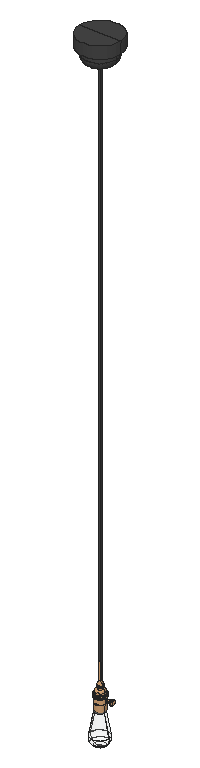
Revit family "SPO-KEY-ORB MB", category Lighting Fixtures, Revit 2020 (continued)
Definition of nested family "SPO-KEY-AB"
  Definition of nested family "SPO-KEY-AB HOLDER"
    Forms (in)
      Extrusion 126, solid, material <- "Body", visible <- "SPO-KEY-AB"
        sketch origin (-0.00004, 0.0311, -0.22468) x (0.770394, 0.637568, 0) y (-0.637568, 0.770394, 0)
          loop
            line (0.44965, 0.52237) -> (0.48225, 0.49432) -> (0.51145, 0.52351) -> (0.47877, 0.55619) -> (0.44965, 0.52237)
        from 1.87225 to 1.98153
      Extrusion 127, solid, material <- "Body", visible <- "SPO-KEY-AB"
        sketch origin (0.003, 0.03095, -0.22468) x (0.829137, 0.559045, 0) y (-0.559045, 0.829137, 0)
          loop
            line (0.44965, 0.52237) -> (0.48225, 0.49432) -> (0.51145, 0.52351) -> (0.47877, 0.55619) -> (0.44965, 0.52237)
        from 1.87225 to 1.98153
      Extrusion 128, solid, material <- "Body", visible <- "SPO-KEY-AB"
        sketch origin (0.00602, 0.03051, -0.22468) x (0.879906, 0.475147, 0) y (-0.475147, 0.879906, 0)
          loop
            line (0.44965, 0.52237) -> (0.48225, 0.49432) -> (0.51145, 0.52351) -> (0.47877, 0.55619) -> (0.44965, 0.52237)
        from 1.87225 to 1.98153
      Extrusion 129, solid, material <- "Body", visible <- "SPO-KEY-AB"
        sketch origin (0.00898, 0.02977, -0.22468) x (0.922214, 0.38668, 0) y (-0.38668, 0.922214, 0)
          loop
            line (0.44965, 0.52237) -> (0.48225, 0.49432) -> (0.51145, 0.52351) -> (0.47877, 0.55619) -> (0.44965, 0.52237)
        from 1.87225 to 1.98153
      Extrusion 130, solid, material <- "Body", visible <- "SPO-KEY-AB"
        sketch origin (0.01185, 0.02875, -0.22468) x (0.955653, 0.294494, 0) y (-0.294494, 0.955653, 0)
          loop
            line (0.44965, 0.52237) -> (0.48225, 0.49432) -> (0.51145, 0.52351) -> (0.47877, 0.55619) -> (0.44965, 0.52237)
        from 1.87225 to 1.98153
      Extrusion 131, solid, material <- "Body", visible <- "SPO-KEY-AB"
        sketch origin (0.01461, 0.02745, -0.22468) x (0.979903, 0.199477, 0) y (-0.199477, 0.979903, 0)
          loop
            line (0.44965, 0.52237) -> (0.48225, 0.49432) -> (0.51145, 0.52351) -> (0.47877, 0.55619) -> (0.44965, 0.52237)
        from 1.87225 to 1.98153
      Extrusion 132, solid, material <- "Body", visible <- "SPO-KEY-AB"
        sketch origin (0.01723, 0.02589, -0.22468) x (0.994729, 0.102541, 0) y (-0.102541, 0.994729, 0)
          loop
            line (0.44965, 0.52237) -> (0.48225, 0.49432) -> (0.51145, 0.52351) -> (0.47877, 0.55619) -> (0.44965, 0.52237)
        from 1.87225 to 1.98153
      Extrusion 133, solid, material <- "Body", visible <- "SPO-KEY-AB"
        sketch origin (0.01968, 0.02408, -0.22468) x (0.999989, 0.004618, 0) y (-0.004618, 0.999989, 0)
          loop
            line (0.44965, 0.52237) -> (0.48225, 0.49432) -> (0.51145, 0.52351) -> (0.47877, 0.55619) -> (0.44965, 0.52237)
        from 1.87225 to 1.98153
      Extrusion 134, solid, material <- "Body", visible <- "SPO-KEY-AB"
        sketch origin (-0.38641, -0.34585, 0.9375) x (0.995192, -0.097945, 0) y (0.097945, 0.995192, 0)
          loop
            line (0.527, 0.61222) -> (0.56632, 0.57838) -> (0.59931, 0.61137) -> (0.56005, 0.65062) -> (0.527, 0.61222)
        from 1.81351 to 1.98153
      Extrusion 135, solid, material <- "Body", visible <- "SPO-KEY-AB"
        sketch origin (-0.46276, -0.23405, 0.9375) x (0.935931, -0.352183, 0) y (0.352183, 0.935931, 0)
          loop
            line (0.527, 0.61222) -> (0.56632, 0.57838) -> (0.59931, 0.61137) -> (0.56005, 0.65062) -> (0.527, 0.61222)
        from 1.81351 to 1.98153
      Extrusion 136, solid, material <- "Body", visible <- "SPO-KEY-AB"
        sketch origin (-0.50757, -0.10631, 0.9375) x (0.812889, -0.582419, 0) y (0.582419, 0.812889, 0)
          loop
            line (0.527, 0.61222) -> (0.56632, 0.57838) -> (0.59931, 0.61137) -> (0.56005, 0.65062) -> (0.527, 0.61222)
        from 1.81351 to 1.98153
      Extrusion 137, solid, material <- "Body", visible <- "SPO-KEY-AB"
        sketch origin (-0.51779, 0.02868, 0.9375) x (0.634449, -0.772965, 0) y (0.772965, 0.634449, 0)
          loop
            line (0.527, 0.61222) -> (0.56632, 0.57838) -> (0.59931, 0.61137) -> (0.56005, 0.65062) -> (0.527, 0.61222)
        from 1.81351 to 1.98153
      Extrusion 138, solid, material <- "Body", visible <- "SPO-KEY-AB"
        sketch origin (-0.49272, 0.16172, 0.9375) x (0.412773, -0.910834, 0) y (0.910834, 0.412773, 0)
          loop
            line (0.527, 0.61222) -> (0.56632, 0.57838) -> (0.59931, 0.61137) -> (0.56005, 0.65062) -> (0.527, 0.61222)
        from 1.81351 to 1.98153
      Extrusion 139, solid, material <- "Body", visible <- "SPO-KEY-AB"
        sketch origin (-0.43407, 0.28373, 0.9375) x (0.162967, -0.986632, 0) y (0.986632, 0.162967, 0)
          loop
            line (0.527, 0.61222) -> (0.56632, 0.57838) -> (0.59931, 0.61137) -> (0.56005, 0.65062) -> (0.527, 0.61222)
        from 1.81351 to 1.98153
      Extrusion 140, solid, material <- "Body", visible <- "SPO-KEY-AB"
        sketch origin (-0.34585, 0.38641, 0.9375) x (-0.097945, -0.995192, 0) y (0.995192, -0.097945, 0)
          loop
            line (0.527, 0.61222) -> (0.56632, 0.57838) -> (0.59931, 0.61137) -> (0.56005, 0.65062) -> (0.527, 0.61222)
        from 1.81351 to 1.98153
      Extrusion 141, solid, material <- "Body", visible <- "SPO-KEY-AB"
        sketch origin (-0.23405, 0.46276, 0.9375) x (-0.352183, -0.935931, 0) y (0.935931, -0.352183, 0)
          loop
            line (0.527, 0.61222) -> (0.56632, 0.57838) -> (0.59931, 0.61137) -> (0.56005, 0.65062) -> (0.527, 0.61222)
        from 1.81351 to 1.98153
      Extrusion 142, solid, material <- "Body", visible <- "SPO-KEY-AB"
        sketch origin (-0.10631, 0.50757, 0.9375) x (-0.582419, -0.812889, 0) y (0.812889, -0.582419, 0)
          loop
            line (0.527, 0.61222) -> (0.56632, 0.57838) -> (0.59931, 0.61137) -> (0.56005, 0.65062) -> (0.527, 0.61222)
        from 1.81351 to 1.98153
      Extrusion 143, solid, material <- "Body", visible <- "SPO-KEY-AB"
        sketch origin (0.02868, 0.51779, 0.9375) x (-0.772965, -0.634449, 0) y (0.634449, -0.772965, 0)
          loop
            line (0.527, 0.61222) -> (0.56632, 0.57838) -> (0.59931, 0.61137) -> (0.56005, 0.65062) -> (0.527, 0.61222)
        from 1.81351 to 1.98153
      Extrusion 144, solid, material <- "Body", visible <- "SPO-KEY-AB"
        sketch origin (0.16172, 0.49272, 0.9375) x (-0.910834, -0.412773, 0) y (0.412773, -0.910834, 0)
          loop
            line (0.527, 0.61222) -> (0.56632, 0.57838) -> (0.59931, 0.61137) -> (0.56005, 0.65062) -> (0.527, 0.61222)
        from 1.81351 to 1.98153
      Extrusion 145, solid, material <- "Body", visible <- "SPO-KEY-AB"
        sketch origin (0.28373, 0.43407, 0.9375) x (-0.986632, -0.162967, 0) y (0.162967, -0.986632, 0)
          loop
            line (0.527, 0.61222) -> (0.56632, 0.57838) -> (0.59931, 0.61137) -> (0.56005, 0.65062) -> (0.527, 0.61222)
        from 1.81351 to 1.98153
      Extrusion 146, solid, material <- "Body", visible <- "SPO-KEY-AB"
        sketch origin (0.38641, 0.34585, 0.9375) x (-0.995192, 0.097945, 0) y (-0.097945, -0.995192, 0)
          loop
            line (0.527, 0.61222) -> (0.56632, 0.57838) -> (0.59931, 0.61137) -> (0.56005, 0.65062) -> (0.527, 0.61222)
        from 1.81351 to 1.98153
      Extrusion 147, solid, material <- "Body", visible <- "SPO-KEY-AB"
        sketch origin (0.46276, 0.23405, 0.9375) x (-0.935931, 0.352183, 0) y (-0.352183, -0.935931, 0)
          loop
            line (0.527, 0.61222) -> (0.56632, 0.57838) -> (0.59931, 0.61137) -> (0.56005, 0.65062) -> (0.527, 0.61222)
        from 1.81351 to 1.98153
      Extrusion 148, solid, material <- "Body", visible <- "SPO-KEY-AB"
        sketch origin (0.50757, 0.10631, 0.9375) x (-0.812889, 0.582419, 0) y (-0.582419, -0.812889, 0)
          loop
            line (0.527, 0.61222) -> (0.56632, 0.57838) -> (0.59931, 0.61137) -> (0.56005, 0.65062) -> (0.527, 0.61222)
        from 1.81351 to 1.98153
      Extrusion 149, solid, material <- "Body", visible <- "SPO-KEY-AB"
        sketch origin (0.51779, -0.02868, 0.9375) x (-0.634449, 0.772965, 0) y (-0.772965, -0.634449, 0)
          loop
            line (0.527, 0.61222) -> (0.56632, 0.57838) -> (0.59931, 0.61137) -> (0.56005, 0.65062) -> (0.527, 0.61222)
        from 1.81351 to 1.98153
      Extrusion 150, solid, material <- "Body", visible <- "SPO-KEY-AB"
        sketch origin (0.49272, -0.16172, 0.9375) x (-0.412773, 0.910834, 0) y (-0.910834, -0.412773, 0)
          loop
            line (0.527, 0.61222) -> (0.56632, 0.57838) -> (0.59931, 0.61137) -> (0.56005, 0.65062) -> (0.527, 0.61222)
        from 1.81351 to 1.98153
      Extrusion 151, solid, material <- "Body", visible <- "SPO-KEY-AB"
        sketch origin (0.43407, -0.28373, 0.9375) x (-0.162967, 0.986632, 0) y (-0.986632, -0.162967, 0)
          loop
            line (0.527, 0.61222) -> (0.56632, 0.57838) -> (0.59931, 0.61137) -> (0.56005, 0.65062) -> (0.527, 0.61222)
        from 1.81351 to 1.98153
      Extrusion 152, solid, material <- "Body", visible <- "SPO-KEY-AB"
        sketch origin (0.34585, -0.38641, 0.9375) x (0.097945, 0.995192, 0) y (-0.995192, 0.097945, 0)
          loop
            line (0.527, 0.61222) -> (0.56632, 0.57838) -> (0.59931, 0.61137) -> (0.56005, 0.65062) -> (0.527, 0.61222)
        from 1.81351 to 1.98153
      Extrusion 153, solid, material <- "Body", visible <- "SPO-KEY-AB"
        sketch origin (0.23405, -0.46276, 0.9375) x (0.352183, 0.935931, 0) y (-0.935931, 0.352183, 0)
          loop
            line (0.527, 0.61222) -> (0.56632, 0.57838) -> (0.59931, 0.61137) -> (0.56005, 0.65062) -> (0.527, 0.61222)
        from 1.81351 to 1.98153
      Extrusion 154, solid, material <- "Body", visible <- "SPO-KEY-AB"
        sketch origin (0.10631, -0.50757, 0.9375) x (0.582419, 0.812889, 0) y (-0.812889, 0.582419, 0)
          loop
            line (0.527, 0.61222) -> (0.56632, 0.57838) -> (0.59931, 0.61137) -> (0.56005, 0.65062) -> (0.527, 0.61222)
        from 1.81351 to 1.98153
      Extrusion 155, solid, material <- "Body", visible <- "SPO-KEY-AB"
        sketch origin (-0.02868, -0.51779, 0.9375) x (0.772965, 0.634449, 0) y (-0.634449, 0.772965, 0)
          loop
            line (0.527, 0.61222) -> (0.56632, 0.57838) -> (0.59931, 0.61137) -> (0.56005, 0.65062) -> (0.527, 0.61222)
        from 1.81351 to 1.98153
      Extrusion 156, solid, material <- "Body", visible <- "SPO-KEY-AB"
        sketch origin (-0.16172, -0.49272, 0.9375) x (0.910834, 0.412773, 0) y (-0.412773, 0.910834, 0)
          loop
            line (0.527, 0.61222) -> (0.56632, 0.57838) -> (0.59931, 0.61137) -> (0.56005, 0.65062) -> (0.527, 0.61222)
        from 1.81351 to 1.98153
      Extrusion 157, solid, material <- "Body", visible <- "SPO-KEY-AB"
        sketch origin (-0.28373, -0.43407, 0.9375) x (0.986632, 0.162967, 0) y (-0.162967, 0.986632, 0)
          loop
            line (0.527, 0.61222) -> (0.56632, 0.57838) -> (0.59931, 0.61137) -> (0.56005, 0.65062) -> (0.527, 0.61222)
        from 1.81351 to 1.98153
      Extrusion 158, solid, material <- "Body", visible <- "SPO-KEY-AB"
        sketch origin (0, 0.00846, -0.00846) x (0, 1, 0) y (0, 0, 1)
          loop
            line (-0.20033, 1.5998) -> (-0.15905, 1.62871) -> (-0.18163, 1.66095) -> (-0.22661, 1.62946) -> (-0.20033, 1.5998)
        from 1.51604 to 1.63175
      Extrusion 159, solid, material <- "Body", visible <- "SPO-KEY-AB"
        sketch origin (0, -0.30039, 0.02455) x (0, 0.974751, -0.223295) y (0, 0.223295, 0.974751)
          loop
            line (-0.20033, 1.5998) -> (-0.15905, 1.62871) -> (-0.18163, 1.66095) -> (-0.22661, 1.62946) -> (-0.20033, 1.5998)
        from 1.51604 to 1.63175
      Extrusion 160, solid, material <- "Body", visible <- "SPO-KEY-AB"
        sketch origin (0, -0.59406, 0.12569) x (0, 0.900279, -0.435314) y (0, 0.435314, 0.900279)
          loop
            line (-0.20033, 1.5998) -> (-0.15905, 1.62871) -> (-0.18163, 1.66095) -> (-0.22661, 1.62946) -> (-0.20033, 1.5998)
        from 1.51604 to 1.63175
      Extrusion 161, solid, material <- "Body", visible <- "SPO-KEY-AB"
        sketch origin (0, -0.85774, 0.28985) x (0, 0.780344, -0.62535) y (0, 0.62535, 0.780344)
          loop
            line (-0.20033, 1.5998) -> (-0.15905, 1.62871) -> (-0.18163, 1.66095) -> (-0.22661, 1.62946) -> (-0.20033, 1.5998)
        from 1.51604 to 1.63175
      Extrusion 162, solid, material <- "Body", visible <- "SPO-KEY-AB"
        sketch origin (0, -1.0781, 0.50875) x (0, 0.621004, -0.783807) y (0, 0.783807, 0.621004)
          loop
            line (-0.20033, 1.5998) -> (-0.15905, 1.62871) -> (-0.18163, 1.66095) -> (-0.22661, 1.62946) -> (-0.20033, 1.5998)
        from 1.51604 to 1.63175
      Extrusion 163, solid, material <- "Body", visible <- "SPO-KEY-AB"
        sketch origin (0, -1.24402, 0.77132) x (0, 0.430304, -0.902684) y (0, 0.902684, 0.430304)
          loop
            line (-0.20033, 1.5998) -> (-0.15905, 1.62871) -> (-0.18163, 1.66095) -> (-0.22661, 1.62946) -> (-0.20033, 1.5998)
        from 1.51604 to 1.63175
      Extrusion 164, solid, material <- "Body", visible <- "SPO-KEY-AB"
        sketch origin (0, -1.34712, 1.06431) x (0, 0.217875, -0.975977) y (0, 0.975977, 0.217875)
          loop
            line (-0.20033, 1.5998) -> (-0.15905, 1.62871) -> (-0.18163, 1.66095) -> (-0.22661, 1.62946) -> (-0.20033, 1.5998)
        from 1.51604 to 1.63175
      Extrusion 165, solid, material <- "Body", visible <- "SPO-KEY-AB"
        sketch origin (0, -1.38219, 1.37293) x (0, -0.005557, -0.999985) y (0, 0.999985, -0.005557)
          loop
            line (-0.20033, 1.5998) -> (-0.15905, 1.62871) -> (-0.18163, 1.66095) -> (-0.22661, 1.62946) -> (-0.20033, 1.5998)
        from 1.51604 to 1.63175
      Extrusion 166, solid, material <- "Body", visible <- "SPO-KEY-AB"
        sketch origin (0, -1.34747, 1.68159) x (0, -0.228708, -0.973495) y (0, 0.973495, -0.228708)
          loop
            line (-0.20033, 1.5998) -> (-0.15905, 1.62871) -> (-0.18163, 1.66095) -> (-0.22661, 1.62946) -> (-0.20033, 1.5998)
        from 1.51604 to 1.63175
      Extrusion 167, solid, material <- "Body", visible <- "SPO-KEY-AB"
        sketch origin (0, -1.2447, 1.9747) x (0, -0.44031, -0.897846) y (0, 0.897846, -0.44031)
          loop
            line (-0.20033, 1.5998) -> (-0.15905, 1.62871) -> (-0.18163, 1.66095) -> (-0.22661, 1.62946) -> (-0.20033, 1.5998)
        from 1.51604 to 1.63175
      Extrusion 168, solid, material <- "Body", visible <- "SPO-KEY-AB"
        sketch origin (0, -1.07907, 2.23745) x (0, -0.629677, -0.776857) y (0, 0.776857, -0.629677)
          loop
            line (-0.20033, 1.5998) -> (-0.15905, 1.62871) -> (-0.18163, 1.66095) -> (-0.22661, 1.62946) -> (-0.20033, 1.5998)
        from 1.51604 to 1.63175
      Extrusion 169, solid, material <- "Body", visible <- "SPO-KEY-AB"
        sketch origin (0, -0.85895, 2.4566) x (0, -0.787246, -0.616639) y (0, 0.616639, -0.787246)
          loop
            line (-0.20033, 1.5998) -> (-0.15905, 1.62871) -> (-0.18163, 1.66095) -> (-0.22661, 1.62946) -> (-0.20033, 1.5998)
        from 1.51604 to 1.63175
      Extrusion 170, solid, material <- "Body", visible <- "SPO-KEY-AB"
        sketch origin (0, -0.59546, 2.62106) x (0, -0.905061, -0.425281) y (0, 0.425281, -0.905061)
          loop
            line (-0.20033, 1.5998) -> (-0.15905, 1.62871) -> (-0.18163, 1.66095) -> (-0.22661, 1.62946) -> (-0.20033, 1.5998)
        from 1.51604 to 1.63175
      Extrusion 171, solid, material <- "Body", visible <- "SPO-KEY-AB"
        sketch origin (0, -0.3019, 2.72252) x (0, -0.977172, -0.212448) y (0, 0.212448, -0.977172)
          loop
            line (-0.20033, 1.5998) -> (-0.15905, 1.62871) -> (-0.18163, 1.66095) -> (-0.22661, 1.62946) -> (-0.20033, 1.5998)
        from 1.51604 to 1.63175
      Extrusion 172, solid, material <- "Body", visible <- "SPO-KEY-AB"
        sketch origin (0, 0.0069, 2.75588) x (0, -0.999938, 0.011114) y (0, -0.011114, -0.999938)
          loop
            line (-0.20033, 1.5998) -> (-0.15905, 1.62871) -> (-0.18163, 1.66095) -> (-0.22661, 1.62946) -> (-0.20033, 1.5998)
        from 1.51604 to 1.63175
      Extrusion 173, solid, material <- "Body", visible <- "SPO-KEY-AB"
        sketch origin (0, 0.31536, 2.71944) x (0, -0.972209, 0.234115) y (0, -0.234115, -0.972209)
          loop
            line (-0.20033, 1.5998) -> (-0.15905, 1.62871) -> (-0.18163, 1.66095) -> (-0.22661, 1.62946) -> (-0.20033, 1.5998)
        from 1.51604 to 1.63175
      Extrusion 174, solid, material <- "Body", visible <- "SPO-KEY-AB"
        sketch origin (0, 0.6079, 2.61504) x (0, -0.895385, 0.445293) y (0, -0.445293, -0.895385)
          loop
            line (-0.20033, 1.5998) -> (-0.15905, 1.62871) -> (-0.18163, 1.66095) -> (-0.22661, 1.62946) -> (-0.20033, 1.5998)
        from 1.51604 to 1.63175
      Extrusion 175, solid, material <- "Body", visible <- "SPO-KEY-AB"
        sketch origin (0, 0.86973, 2.44796) x (0, -0.773346, 0.633984) y (0, -0.633984, -0.773346)
          loop
            line (-0.20033, 1.5998) -> (-0.15905, 1.62871) -> (-0.18163, 1.66095) -> (-0.22661, 1.62946) -> (-0.20033, 1.5998)
        from 1.51604 to 1.63175
      Extrusion 176, solid, material <- "Body", visible <- "SPO-KEY-AB"
        sketch origin (0, 1.08765, 2.22663) x (0, -0.612254, 0.790661) y (0, -0.790661, -0.612254)
          loop
            line (-0.20033, 1.5998) -> (-0.15905, 1.62871) -> (-0.18163, 1.66095) -> (-0.22661, 1.62946) -> (-0.20033, 1.5998)
        from 1.51604 to 1.63175
      Extrusion 177, solid, material <- "Body", visible <- "SPO-KEY-AB"
        sketch origin (0, 1.25064, 1.96223) x (0, -0.420245, 0.907411) y (0, -0.907411, -0.420245)
          loop
            line (-0.20033, 1.5998) -> (-0.15905, 1.62871) -> (-0.18163, 1.66095) -> (-0.22661, 1.62946) -> (-0.20033, 1.5998)
        from 1.51604 to 1.63175
      Extrusion 178, solid, material <- "Body", visible <- "SPO-KEY-AB"
        sketch origin (0, 1.35047, 1.66811) x (0, -0.207014, 0.978338) y (0, -0.978338, -0.207014)
          loop
            line (-0.20033, 1.5998) -> (-0.15905, 1.62871) -> (-0.18163, 1.66095) -> (-0.22661, 1.62946) -> (-0.20033, 1.5998)
        from 1.51604 to 1.63175
      Extrusion 179, solid, material <- "Body", visible <- "SPO-KEY-AB"
        sketch origin (0, 1.38211, 1.35912) x (0, 0.016671, 0.999861) y (0, -0.999861, 0.016671)
          loop
            line (-0.20033, 1.5998) -> (-0.15905, 1.62871) -> (-0.18163, 1.66095) -> (-0.22661, 1.62946) -> (-0.20033, 1.5998)
        from 1.51604 to 1.63175
      Extrusion 180, solid, material <- "Body", visible <- "SPO-KEY-AB"
        sketch origin (0, 1.34396, 1.05087) x (0, 0.239514, 0.970893) y (0, -0.970893, 0.239514)
          loop
            line (-0.20033, 1.5998) -> (-0.15905, 1.62871) -> (-0.18163, 1.66095) -> (-0.22661, 1.62946) -> (-0.20033, 1.5998)
        from 1.51604 to 1.63175
      Extrusion 181, solid, material <- "Body", visible <- "SPO-KEY-AB"
        sketch origin (0, 1.23794, 0.75892) x (0, 0.450261, 0.892897) y (0, -0.892897, 0.450261)
          loop
            line (-0.20033, 1.5998) -> (-0.15905, 1.62871) -> (-0.18163, 1.66095) -> (-0.22661, 1.62946) -> (-0.20033, 1.5998)
        from 1.51604 to 1.63175
      Extrusion 182, solid, material <- "Body", visible <- "SPO-KEY-AB"
        sketch origin (0, 1.0694, 0.49802) x (0, 0.638272, 0.769811) y (0, -0.769811, 0.638272)
          loop
            line (-0.20033, 1.5998) -> (-0.15905, 1.62871) -> (-0.18163, 1.66095) -> (-0.22661, 1.62946) -> (-0.20033, 1.5998)
        from 1.51604 to 1.63175
      Extrusion 183, solid, material <- "Body", visible <- "SPO-KEY-AB"
        sketch origin (0, 0.84687, 0.28134) x (0, 0.794051, 0.607851) y (0, -0.607851, 0.794051)
          loop
            line (-0.20033, 1.5998) -> (-0.15905, 1.62871) -> (-0.18163, 1.66095) -> (-0.22661, 1.62946) -> (-0.20033, 1.5998)
        from 1.51604 to 1.63175
      Extrusion 184, solid, material <- "Body", visible <- "SPO-KEY-AB"
        sketch origin (0, 0.58156, 0.11982) x (0, 0.909732, 0.415196) y (0, -0.415196, 0.909732)
          loop
            line (-0.20033, 1.5998) -> (-0.15905, 1.62871) -> (-0.18163, 1.66095) -> (-0.22661, 1.62946) -> (-0.20033, 1.5998)
        from 1.51604 to 1.63175
      Extrusion 185, solid, material <- "Body", visible <- "SPO-KEY-AB"
        sketch origin (0, 0.28689, 0.02162) x (0, 0.979473, 0.201574) y (0, -0.201574, 0.979473)
          loop
            line (-0.20033, 1.5998) -> (-0.15905, 1.62871) -> (-0.18163, 1.66095) -> (-0.22661, 1.62946) -> (-0.20033, 1.5998)
        from 1.51604 to 1.63175
    Dimensions and locks (in)
      locked: plane 4 to plane 2 at 3.5
      equal spacing: plane 5, plane 3 "Center (Left/Right)", plane 6
      plane 5 to plane 6 = 0' - 1 1/2"
      aligned and locked: plane 2 to level
    Automatic sketch dimensions
      Extrusion 4 sketch curve to Extrusion 4 sketch curve = 0' - 0.02911"
      Extrusion 4 sketch curve to Extrusion 4 sketch curve = 0' - 0.0326"
      Extrusion 4 sketch curve to Extrusion 4 sketch curve = 0' - 0.0292"
      Extrusion 4 sketch curve to Extrusion 4 sketch curve = 0' - 0.02806"
      Extrusion 5 sketch curve to Extrusion 5 sketch curve = 0' - 0.02911"
      Extrusion 5 sketch curve to Extrusion 5 sketch curve = 0' - 0.0326"
      Extrusion 5 sketch curve to Extrusion 5 sketch curve = 0' - 0.0292"
      Extrusion 5 sketch curve to Extrusion 5 sketch curve = 0' - 0.02806"
      Extrusion 6 sketch curve to Extrusion 6 sketch curve = 0' - 0.02911"
      Extrusion 6 sketch curve to Extrusion 6 sketch curve = 0' - 0.0326"
      Extrusion 6 sketch curve to Extrusion 6 sketch curve = 0' - 0.0292"
      Extrusion 6 sketch curve to Extrusion 6 sketch curve = 0' - 0.02806"
      Extrusion 7 sketch curve to Extrusion 7 sketch curve = 0' - 0.02911"
      Extrusion 7 sketch curve to Extrusion 7 sketch curve = 0' - 0.0326"
      Extrusion 7 sketch curve to Extrusion 7 sketch curve = 0' - 0.0292"
      Extrusion 7 sketch curve to Extrusion 7 sketch curve = 0' - 0.02806"
      Extrusion 8 sketch curve to Extrusion 8 sketch curve = 0' - 0.02911"
      Extrusion 8 sketch curve to Extrusion 8 sketch curve = 0' - 0.0326"
      Extrusion 8 sketch curve to Extrusion 8 sketch curve = 0' - 0.0292"
      Extrusion 8 sketch curve to Extrusion 8 sketch curve = 0' - 0.02806"
      Extrusion 9 sketch curve to Extrusion 9 sketch curve = 0' - 0.02911"
      Extrusion 9 sketch curve to Extrusion 9 sketch curve = 0' - 0.0326"
      Extrusion 9 sketch curve to Extrusion 9 sketch curve = 0' - 0.0292"
      Extrusion 9 sketch curve to Extrusion 9 sketch curve = 0' - 0.02806"
      Extrusion 10 sketch curve to Extrusion 10 sketch curve = 0' - 0.02911"
      Extrusion 10 sketch curve to Extrusion 10 sketch curve = 0' - 0.0326"
      Extrusion 10 sketch curve to Extrusion 10 sketch curve = 0' - 0.0292"
      Extrusion 10 sketch curve to Extrusion 10 sketch curve = 0' - 0.02806"
      Extrusion 11 sketch curve to Extrusion 11 sketch curve = 0' - 0.02911"
      Extrusion 11 sketch curve to Extrusion 11 sketch curve = 0' - 0.0326"
      Extrusion 11 sketch curve to Extrusion 11 sketch curve = 0' - 0.0292"
      Extrusion 11 sketch curve to Extrusion 11 sketch curve = 0' - 0.02806"
      Extrusion 12 sketch curve to Extrusion 12 sketch curve = 0' - 0.02911"
      Extrusion 12 sketch curve to Extrusion 12 sketch curve = 0' - 0.0326"
      Extrusion 12 sketch curve to Extrusion 12 sketch curve = 0' - 0.0292"
      Extrusion 12 sketch curve to Extrusion 12 sketch curve = 0' - 0.02806"
      Extrusion 13 sketch curve to Extrusion 13 sketch curve = 0' - 0.02911"
      Extrusion 13 sketch curve to Extrusion 13 sketch curve = 0' - 0.0326"
      Extrusion 13 sketch curve to Extrusion 13 sketch curve = 0' - 0.0292"
      Extrusion 13 sketch curve to Extrusion 13 sketch curve = 0' - 0.02806"
      Extrusion 14 sketch curve to Extrusion 14 sketch curve = 0' - 0.02911"
      Extrusion 14 sketch curve to Extrusion 14 sketch curve = 0' - 0.0326"
      Extrusion 14 sketch curve to Extrusion 14 sketch curve = 0' - 0.0292"
      Extrusion 14 sketch curve to Extrusion 14 sketch curve = 0' - 0.02806"
      Extrusion 15 sketch curve to Extrusion 15 sketch curve = 0' - 0.02911"
      Extrusion 15 sketch curve to Extrusion 15 sketch curve = 0' - 0.0326"
      Extrusion 15 sketch curve to Extrusion 15 sketch curve = 0' - 0.0292"
      Extrusion 15 sketch curve to Extrusion 15 sketch curve = 0' - 0.02806"
      Extrusion 16 sketch curve to Extrusion 16 sketch curve = 0' - 0.02911"
      Extrusion 16 sketch curve to Extrusion 16 sketch curve = 0' - 0.0326"
      Extrusion 16 sketch curve to Extrusion 16 sketch curve = 0' - 0.0292"
      Extrusion 16 sketch curve to Extrusion 16 sketch curve = 0' - 0.02806"
      Extrusion 17 sketch curve to Extrusion 17 sketch curve = 0' - 0.02911"
      Extrusion 17 sketch curve to Extrusion 17 sketch curve = 0' - 0.0326"
      Extrusion 17 sketch curve to Extrusion 17 sketch curve = 0' - 0.0292"
      Extrusion 17 sketch curve to Extrusion 17 sketch curve = 0' - 0.02806"
      Extrusion 18 sketch curve to Extrusion 18 sketch curve = 0' - 0.02911"
      Extrusion 18 sketch curve to Extrusion 18 sketch curve = 0' - 0.0326"
      Extrusion 18 sketch curve to Extrusion 18 sketch curve = 0' - 0.0292"
      Extrusion 18 sketch curve to Extrusion 18 sketch curve = 0' - 0.02806"
      Extrusion 19 sketch curve to Extrusion 19 sketch curve = 0' - 0.02911"
      Extrusion 19 sketch curve to Extrusion 19 sketch curve = 0' - 0.0326"
      Extrusion 19 sketch curve to Extrusion 19 sketch curve = 0' - 0.0292"
      Extrusion 19 sketch curve to Extrusion 19 sketch curve = 0' - 0.02806"
      Extrusion 20 sketch curve to Extrusion 20 sketch curve = 0' - 0.02911"
      Extrusion 20 sketch curve to Extrusion 20 sketch curve = 0' - 0.0326"
      Extrusion 20 sketch curve to Extrusion 20 sketch curve = 0' - 0.0292"
      Extrusion 20 sketch curve to Extrusion 20 sketch curve = 0' - 0.02806"
      Extrusion 21 sketch curve to Extrusion 21 sketch curve = 0' - 0.02911"
      Extrusion 21 sketch curve to Extrusion 21 sketch curve = 0' - 0.0326"
      Extrusion 21 sketch curve to Extrusion 21 sketch curve = 0' - 0.0292"
      Extrusion 21 sketch curve to Extrusion 21 sketch curve = 0' - 0.02806"
      Extrusion 22 sketch curve to Extrusion 22 sketch curve = 0' - 0.02911"
      Extrusion 22 sketch curve to Extrusion 22 sketch curve = 0' - 0.0326"
      Extrusion 22 sketch curve to Extrusion 22 sketch curve = 0' - 0.0292"
      Extrusion 22 sketch curve to Extrusion 22 sketch curve = 0' - 0.02806"
      Extrusion 23 sketch curve to Extrusion 23 sketch curve = 0' - 0.02911"
      Extrusion 23 sketch curve to Extrusion 23 sketch curve = 0' - 0.0326"
      Extrusion 23 sketch curve to Extrusion 23 sketch curve = 0' - 0.0292"
      Extrusion 23 sketch curve to Extrusion 23 sketch curve = 0' - 0.02806"
      Extrusion 24 sketch curve to Extrusion 24 sketch curve = 0' - 0.02911"
      Extrusion 24 sketch curve to Extrusion 24 sketch curve = 0' - 0.0326"
      Extrusion 24 sketch curve to Extrusion 24 sketch curve = 0' - 0.0292"
      Extrusion 24 sketch curve to Extrusion 24 sketch curve = 0' - 0.02806"
      Extrusion 25 sketch curve to Extrusion 25 sketch curve = 0' - 0.02911"
      Extrusion 25 sketch curve to Extrusion 25 sketch curve = 0' - 0.0326"
      Extrusion 25 sketch curve to Extrusion 25 sketch curve = 0' - 0.0292"
      Extrusion 25 sketch curve to Extrusion 25 sketch curve = 0' - 0.02806"
      Extrusion 26 sketch curve to Extrusion 26 sketch curve = 0' - 0.02911"
      Extrusion 26 sketch curve to Extrusion 26 sketch curve = 0' - 0.0326"
      Extrusion 26 sketch curve to Extrusion 26 sketch curve = 0' - 0.0292"
      Extrusion 26 sketch curve to Extrusion 26 sketch curve = 0' - 0.02806"
      Extrusion 27 sketch curve to Extrusion 27 sketch curve = 0' - 0.02911"
      Extrusion 27 sketch curve to Extrusion 27 sketch curve = 0' - 0.0326"
      Extrusion 27 sketch curve to Extrusion 27 sketch curve = 0' - 0.0292"
      Extrusion 27 sketch curve to Extrusion 27 sketch curve = 0' - 0.02806"
      Extrusion 28 sketch curve to Extrusion 28 sketch curve = 0' - 0.02911"
      Extrusion 28 sketch curve to Extrusion 28 sketch curve = 0' - 0.0326"
      Extrusion 28 sketch curve to Extrusion 28 sketch curve = 0' - 0.0292"
      Extrusion 28 sketch curve to Extrusion 28 sketch curve = 0' - 0.02806"
      Extrusion 29 sketch curve to Extrusion 29 sketch curve = 0' - 0.02911"
      Extrusion 29 sketch curve to Extrusion 29 sketch curve = 0' - 0.0326"
      Extrusion 29 sketch curve to Extrusion 29 sketch curve = 0' - 0.0292"
      Extrusion 29 sketch curve to Extrusion 29 sketch curve = 0' - 0.02806"
      Extrusion 30 sketch curve to Extrusion 30 sketch curve = 0' - 0.02911"
      Extrusion 30 sketch curve to Extrusion 30 sketch curve = 0' - 0.0326"
      Extrusion 30 sketch curve to Extrusion 30 sketch curve = 0' - 0.0292"
      Extrusion 30 sketch curve to Extrusion 30 sketch curve = 0' - 0.02806"
      Extrusion 31 sketch curve to Extrusion 31 sketch curve = 0' - 0.02911"
      Extrusion 31 sketch curve to Extrusion 31 sketch curve = 0' - 0.0326"
      Extrusion 31 sketch curve to Extrusion 31 sketch curve = 0' - 0.0292"
      Extrusion 31 sketch curve to Extrusion 31 sketch curve = 0' - 0.02806"
      Extrusion 32 sketch curve to Extrusion 32 sketch curve = 0' - 0.02911"
      Extrusion 32 sketch curve to Extrusion 32 sketch curve = 0' - 0.0326"
      Extrusion 32 sketch curve to Extrusion 32 sketch curve = 0' - 0.0292"
      Extrusion 32 sketch curve to Extrusion 32 sketch curve = 0' - 0.02806"
      Extrusion 33 sketch curve to Extrusion 33 sketch curve = 0' - 0.02911"
      Extrusion 33 sketch curve to Extrusion 33 sketch curve = 0' - 0.0326"
      Extrusion 33 sketch curve to Extrusion 33 sketch curve = 0' - 0.0292"
      Extrusion 33 sketch curve to Extrusion 33 sketch curve = 0' - 0.02806"
      Extrusion 34 sketch curve to Extrusion 34 sketch curve = 0' - 0.02911"
      Extrusion 34 sketch curve to Extrusion 34 sketch curve = 0' - 0.0326"
      Extrusion 34 sketch curve to Extrusion 34 sketch curve = 0' - 0.0292"
      Extrusion 34 sketch curve to Extrusion 34 sketch curve = 0' - 0.02806"
      Extrusion 35 sketch curve to Extrusion 35 sketch curve = 0' - 0.02911"
      Extrusion 35 sketch curve to Extrusion 35 sketch curve = 0' - 0.0326"
      Extrusion 35 sketch curve to Extrusion 35 sketch curve = 0' - 0.0292"
      Extrusion 35 sketch curve to Extrusion 35 sketch curve = 0' - 0.02806"
      Extrusion 36 sketch curve to Extrusion 36 sketch curve = 0' - 0.02911"
      Extrusion 36 sketch curve to Extrusion 36 sketch curve = 0' - 0.0326"
      Extrusion 36 sketch curve to Extrusion 36 sketch curve = 0' - 0.0292"
      Extrusion 36 sketch curve to Extrusion 36 sketch curve = 0' - 0.02806"
      Extrusion 37 sketch curve to Extrusion 37 sketch curve = 0' - 0.02911"
      Extrusion 37 sketch curve to Extrusion 37 sketch curve = 0' - 0.0326"
      Extrusion 37 sketch curve to Extrusion 37 sketch curve = 0' - 0.0292"
      Extrusion 37 sketch curve to Extrusion 37 sketch curve = 0' - 0.02806"
      Extrusion 38 sketch curve to Extrusion 38 sketch curve = 0' - 0.02911"
      Extrusion 38 sketch curve to Extrusion 38 sketch curve = 0' - 0.0326"
      Extrusion 38 sketch curve to Extrusion 38 sketch curve = 0' - 0.0292"
      Extrusion 38 sketch curve to Extrusion 38 sketch curve = 0' - 0.02806"
      Extrusion 39 sketch curve to Extrusion 39 sketch curve = 0' - 0.02911"
      Extrusion 39 sketch curve to Extrusion 39 sketch curve = 0' - 0.0326"
      Extrusion 39 sketch curve to Extrusion 39 sketch curve = 0' - 0.0292"
      Extrusion 39 sketch curve to Extrusion 39 sketch curve = 0' - 0.02806"
      Extrusion 40 sketch curve to Extrusion 40 sketch curve = 0' - 0.02911"
      Extrusion 40 sketch curve to Extrusion 40 sketch curve = 0' - 0.0326"
      Extrusion 40 sketch curve to Extrusion 40 sketch curve = 0' - 0.0292"
      Extrusion 40 sketch curve to Extrusion 40 sketch curve = 0' - 0.02806"
      Extrusion 41 sketch curve to Extrusion 41 sketch curve = 0' - 0.02911"
      Extrusion 41 sketch curve to Extrusion 41 sketch curve = 0' - 0.0326"
      Extrusion 41 sketch curve to Extrusion 41 sketch curve = 0' - 0.0292"
      Extrusion 41 sketch curve to Extrusion 41 sketch curve = 0' - 0.02806"
      Extrusion 42 sketch curve to Extrusion 42 sketch curve = 0' - 0.02911"
      Extrusion 42 sketch curve to Extrusion 42 sketch curve = 0' - 0.0326"
      Extrusion 42 sketch curve to Extrusion 42 sketch curve = 0' - 0.0292"
      Extrusion 42 sketch curve to Extrusion 42 sketch curve = 0' - 0.02806"
      Extrusion 43 sketch curve to Extrusion 43 sketch curve = 0' - 0.02911"
      Extrusion 43 sketch curve to Extrusion 43 sketch curve = 0' - 0.0326"
      Extrusion 43 sketch curve to Extrusion 43 sketch curve = 0' - 0.0292"
      Extrusion 43 sketch curve to Extrusion 43 sketch curve = 0' - 0.02806"
      Extrusion 44 sketch curve to Extrusion 44 sketch curve = 0' - 0.02911"
      Extrusion 44 sketch curve to Extrusion 44 sketch curve = 0' - 0.0326"
      Extrusion 44 sketch curve to Extrusion 44 sketch curve = 0' - 0.0292"
      Extrusion 44 sketch curve to Extrusion 44 sketch curve = 0' - 0.02806"
      Extrusion 45 sketch curve to Extrusion 45 sketch curve = 0' - 0.02911"
      Extrusion 45 sketch curve to Extrusion 45 sketch curve = 0' - 0.0326"
      Extrusion 45 sketch curve to Extrusion 45 sketch curve = 0' - 0.0292"
      Extrusion 45 sketch curve to Extrusion 45 sketch curve = 0' - 0.02806"
      Extrusion 46 sketch curve to Extrusion 46 sketch curve = 0' - 0.02911"
      Extrusion 46 sketch curve to Extrusion 46 sketch curve = 0' - 0.0326"
      Extrusion 46 sketch curve to Extrusion 46 sketch curve = 0' - 0.0292"
      Extrusion 46 sketch curve to Extrusion 46 sketch curve = 0' - 0.02806"
      Extrusion 47 sketch curve to Extrusion 47 sketch curve = 0' - 0.02911"
      Extrusion 47 sketch curve to Extrusion 47 sketch curve = 0' - 0.0326"
      Extrusion 47 sketch curve to Extrusion 47 sketch curve = 0' - 0.0292"
      Extrusion 47 sketch curve to Extrusion 47 sketch curve = 0' - 0.02806"
      Extrusion 48 sketch curve to Extrusion 48 sketch curve = 0' - 0.02911"
      Extrusion 48 sketch curve to Extrusion 48 sketch curve = 0' - 0.0326"
      Extrusion 48 sketch curve to Extrusion 48 sketch curve = 0' - 0.0292"
      Extrusion 48 sketch curve to Extrusion 48 sketch curve = 0' - 0.02806"
      Extrusion 49 sketch curve to Extrusion 49 sketch curve = 0' - 0.02911"
      Extrusion 49 sketch curve to Extrusion 49 sketch curve = 0' - 0.0326"
      Extrusion 49 sketch curve to Extrusion 49 sketch curve = 0' - 0.0292"
      Extrusion 49 sketch curve to Extrusion 49 sketch curve = 0' - 0.02806"
      Extrusion 50 sketch curve to Extrusion 50 sketch curve = 0' - 0.02911"
      Extrusion 50 sketch curve to Extrusion 50 sketch curve = 0' - 0.0326"
      Extrusion 50 sketch curve to Extrusion 50 sketch curve = 0' - 0.0292"
      Extrusion 50 sketch curve to Extrusion 50 sketch curve = 0' - 0.02806"
      Extrusion 51 sketch curve to Extrusion 51 sketch curve = 0' - 0.02911"
      Extrusion 51 sketch curve to Extrusion 51 sketch curve = 0' - 0.0326"
      Extrusion 51 sketch curve to Extrusion 51 sketch curve = 0' - 0.0292"
      Extrusion 51 sketch curve to Extrusion 51 sketch curve = 0' - 0.02806"
      Extrusion 52 sketch curve to Extrusion 52 sketch curve = 0' - 0.02911"
      Extrusion 52 sketch curve to Extrusion 52 sketch curve = 0' - 0.0326"
      Extrusion 52 sketch curve to Extrusion 52 sketch curve = 0' - 0.0292"
      Extrusion 52 sketch curve to Extrusion 52 sketch curve = 0' - 0.02806"
      Extrusion 53 sketch curve to Extrusion 53 sketch curve = 0' - 0.02911"
      Extrusion 53 sketch curve to Extrusion 53 sketch curve = 0' - 0.0326"
      Extrusion 53 sketch curve to Extrusion 53 sketch curve = 0' - 0.0292"
      Extrusion 53 sketch curve to Extrusion 53 sketch curve = 0' - 0.02806"
      Extrusion 54 sketch curve to Extrusion 54 sketch curve = 0' - 0.02911"
      Extrusion 54 sketch curve to Extrusion 54 sketch curve = 0' - 0.0326"
      Extrusion 54 sketch curve to Extrusion 54 sketch curve = 0' - 0.0292"
      Extrusion 54 sketch curve to Extrusion 54 sketch curve = 0' - 0.02806"
      Extrusion 55 sketch curve to Extrusion 55 sketch curve = 0' - 0.02911"
      Extrusion 55 sketch curve to Extrusion 55 sketch curve = 0' - 0.0326"
      Extrusion 55 sketch curve to Extrusion 55 sketch curve = 0' - 0.0292"
      Extrusion 55 sketch curve to Extrusion 55 sketch curve = 0' - 0.02806"
      Extrusion 56 sketch curve to Extrusion 56 sketch curve = 0' - 0.02911"
      Extrusion 56 sketch curve to Extrusion 56 sketch curve = 0' - 0.0326"
      Extrusion 56 sketch curve to Extrusion 56 sketch curve = 0' - 0.0292"
      Extrusion 56 sketch curve to Extrusion 56 sketch curve = 0' - 0.02806"
      Extrusion 57 sketch curve to Extrusion 57 sketch curve = 0' - 0.02911"
      Extrusion 57 sketch curve to Extrusion 57 sketch curve = 0' - 0.0326"
      Extrusion 57 sketch curve to Extrusion 57 sketch curve = 0' - 0.0292"
      Extrusion 57 sketch curve to Extrusion 57 sketch curve = 0' - 0.02806"
      Extrusion 58 sketch curve to Extrusion 58 sketch curve = 0' - 0.02911"
      Extrusion 58 sketch curve to Extrusion 58 sketch curve = 0' - 0.0326"
      Extrusion 58 sketch curve to Extrusion 58 sketch curve = 0' - 0.0292"
      Extrusion 58 sketch curve to Extrusion 58 sketch curve = 0' - 0.02806"
      Extrusion 59 sketch curve to Extrusion 59 sketch curve = 0' - 0.02911"
      Extrusion 59 sketch curve to Extrusion 59 sketch curve = 0' - 0.0326"
      Extrusion 59 sketch curve to Extrusion 59 sketch curve = 0' - 0.0292"
      Extrusion 59 sketch curve to Extrusion 59 sketch curve = 0' - 0.02806"
      Extrusion 60 sketch curve to Extrusion 60 sketch curve = 0' - 0.02911"
      Extrusion 60 sketch curve to Extrusion 60 sketch curve = 0' - 0.0326"
      Extrusion 60 sketch curve to Extrusion 60 sketch curve = 0' - 0.0292"
      Extrusion 60 sketch curve to Extrusion 60 sketch curve = 0' - 0.02806"
      Extrusion 61 sketch curve to Extrusion 61 sketch curve = 0' - 0.02911"
      Extrusion 61 sketch curve to Extrusion 61 sketch curve = 0' - 0.0326"
      Extrusion 61 sketch curve to Extrusion 61 sketch curve = 0' - 0.0292"
      Extrusion 61 sketch curve to Extrusion 61 sketch curve = 0' - 0.02806"
      Extrusion 62 sketch curve to Extrusion 62 sketch curve = 0' - 0.02911"
      Extrusion 62 sketch curve to Extrusion 62 sketch curve = 0' - 0.0326"
      Extrusion 62 sketch curve to Extrusion 62 sketch curve = 0' - 0.0292"
      Extrusion 62 sketch curve to Extrusion 62 sketch curve = 0' - 0.02806"
      Extrusion 63 sketch curve to Extrusion 63 sketch curve = 0' - 0.02911"
      Extrusion 63 sketch curve to Extrusion 63 sketch curve = 0' - 0.0326"
      Extrusion 63 sketch curve to Extrusion 63 sketch curve = 0' - 0.0292"
      Extrusion 63 sketch curve to Extrusion 63 sketch curve = 0' - 0.02806"
      Extrusion 64 sketch curve to Extrusion 64 sketch curve = 0' - 0.02911"
      Extrusion 64 sketch curve to Extrusion 64 sketch curve = 0' - 0.0326"
      Extrusion 64 sketch curve to Extrusion 64 sketch curve = 0' - 0.0292"
      Extrusion 64 sketch curve to Extrusion 64 sketch curve = 0' - 0.02806"
      Extrusion 65 sketch curve to Extrusion 65 sketch curve = 0' - 0.02911"
      Extrusion 65 sketch curve to Extrusion 65 sketch curve = 0' - 0.0326"
      Extrusion 65 sketch curve to Extrusion 65 sketch curve = 0' - 0.0292"
      Extrusion 65 sketch curve to Extrusion 65 sketch curve = 0' - 0.02806"
      Extrusion 66 sketch curve to Extrusion 66 sketch curve = 0' - 0.02911"
      Extrusion 66 sketch curve to Extrusion 66 sketch curve = 0' - 0.0326"
      Extrusion 66 sketch curve to Extrusion 66 sketch curve = 0' - 0.0292"
      Extrusion 66 sketch curve to Extrusion 66 sketch curve = 0' - 0.02806"
      Extrusion 67 sketch curve to Extrusion 67 sketch curve = 0' - 0.02911"
      Extrusion 67 sketch curve to Extrusion 67 sketch curve = 0' - 0.0326"
      Extrusion 67 sketch curve to Extrusion 67 sketch curve = 0' - 0.0292"
      Extrusion 67 sketch curve to Extrusion 67 sketch curve = 0' - 0.02806"
      Extrusion 68 sketch curve to Extrusion 68 sketch curve = 0' - 0.02911"
      Extrusion 68 sketch curve to Extrusion 68 sketch curve = 0' - 0.0326"
      Extrusion 68 sketch curve to Extrusion 68 sketch curve = 0' - 0.0292"
      Extrusion 68 sketch curve to Extrusion 68 sketch curve = 0' - 0.02806"
      Extrusion 69 sketch curve to Extrusion 69 sketch curve = 0' - 0.02911"
      Extrusion 69 sketch curve to Extrusion 69 sketch curve = 0' - 0.0326"
      Extrusion 69 sketch curve to Extrusion 69 sketch curve = 0' - 0.0292"
      Extrusion 69 sketch curve to Extrusion 69 sketch curve = 0' - 0.02806"
      Extrusion 70 sketch curve to Extrusion 70 sketch curve = 0' - 0.02911"
      Extrusion 70 sketch curve to Extrusion 70 sketch curve = 0' - 0.0326"
      Extrusion 70 sketch curve to Extrusion 70 sketch curve = 0' - 0.0292"
      Extrusion 70 sketch curve to Extrusion 70 sketch curve = 0' - 0.02806"
      Extrusion 71 sketch curve to Extrusion 71 sketch curve = 0' - 0.02911"
      Extrusion 71 sketch curve to Extrusion 71 sketch curve = 0' - 0.0326"
      Extrusion 71 sketch curve to Extrusion 71 sketch curve = 0' - 0.0292"
      Extrusion 71 sketch curve to Extrusion 71 sketch curve = 0' - 0.02806"
      Extrusion 72 sketch curve to Extrusion 72 sketch curve = 0' - 0.02911"
      Extrusion 72 sketch curve to Extrusion 72 sketch curve = 0' - 0.0326"
      Extrusion 72 sketch curve to Extrusion 72 sketch curve = 0' - 0.0292"
      Extrusion 72 sketch curve to Extrusion 72 sketch curve = 0' - 0.02806"
      Extrusion 73 sketch curve to Extrusion 73 sketch curve = 0' - 0.02911"
      Extrusion 73 sketch curve to Extrusion 73 sketch curve = 0' - 0.0326"
      Extrusion 73 sketch curve to Extrusion 73 sketch curve = 0' - 0.0292"
      Extrusion 73 sketch curve to Extrusion 73 sketch curve = 0' - 0.02806"
      Extrusion 74 sketch curve to Extrusion 74 sketch curve = 0' - 0.02911"
      Extrusion 74 sketch curve to Extrusion 74 sketch curve = 0' - 0.0326"
      Extrusion 74 sketch curve to Extrusion 74 sketch curve = 0' - 0.0292"
      Extrusion 74 sketch curve to Extrusion 74 sketch curve = 0' - 0.02806"
      Extrusion 75 sketch curve to Extrusion 75 sketch curve = 0' - 0.02911"
      Extrusion 75 sketch curve to Extrusion 75 sketch curve = 0' - 0.0326"
      Extrusion 75 sketch curve to Extrusion 75 sketch curve = 0' - 0.0292"
      Extrusion 75 sketch curve to Extrusion 75 sketch curve = 0' - 0.02806"
      Extrusion 76 sketch curve to Extrusion 76 sketch curve = 0' - 0.02911"
      Extrusion 76 sketch curve to Extrusion 76 sketch curve = 0' - 0.0326"
      Extrusion 76 sketch curve to Extrusion 76 sketch curve = 0' - 0.0292"
      Extrusion 76 sketch curve to Extrusion 76 sketch curve = 0' - 0.02806"
      Extrusion 77 sketch curve to Extrusion 77 sketch curve = 0' - 0.02911"
      Extrusion 77 sketch curve to Extrusion 77 sketch curve = 0' - 0.0326"
      Extrusion 77 sketch curve to Extrusion 77 sketch curve = 0' - 0.0292"
      Extrusion 77 sketch curve to Extrusion 77 sketch curve = 0' - 0.02806"
      Extrusion 78 sketch curve to Extrusion 78 sketch curve = 0' - 0.02911"
      Extrusion 78 sketch curve to Extrusion 78 sketch curve = 0' - 0.0326"
      Extrusion 78 sketch curve to Extrusion 78 sketch curve = 0' - 0.0292"
      Extrusion 78 sketch curve to Extrusion 78 sketch curve = 0' - 0.02806"
      Extrusion 79 sketch curve to Extrusion 79 sketch curve = 0' - 0.02911"
      Extrusion 79 sketch curve to Extrusion 79 sketch curve = 0' - 0.0326"
      Extrusion 79 sketch curve to Extrusion 79 sketch curve = 0' - 0.0292"
      Extrusion 79 sketch curve to Extrusion 79 sketch curve = 0' - 0.02806"
      Extrusion 80 sketch curve to Extrusion 80 sketch curve = 0' - 0.02911"
      Extrusion 80 sketch curve to Extrusion 80 sketch curve = 0' - 0.0326"
      Extrusion 80 sketch curve to Extrusion 80 sketch curve = 0' - 0.0292"
      Extrusion 80 sketch curve to Extrusion 80 sketch curve = 0' - 0.02806"
      Extrusion 81 sketch curve to Extrusion 81 sketch curve = 0' - 0.02911"
      Extrusion 81 sketch curve to Extrusion 81 sketch curve = 0' - 0.0326"
      Extrusion 81 sketch curve to Extrusion 81 sketch curve = 0' - 0.0292"
      Extrusion 81 sketch curve to Extrusion 81 sketch curve = 0' - 0.02806"
      Extrusion 82 sketch curve to Extrusion 82 sketch curve = 0' - 0.02911"
      Extrusion 82 sketch curve to Extrusion 82 sketch curve = 0' - 0.0326"
      Extrusion 82 sketch curve to Extrusion 82 sketch curve = 0' - 0.0292"
      Extrusion 82 sketch curve to Extrusion 82 sketch curve = 0' - 0.02806"
      Extrusion 83 sketch curve to Extrusion 83 sketch curve = 0' - 0.02911"
      Extrusion 83 sketch curve to Extrusion 83 sketch curve = 0' - 0.0326"
      Extrusion 83 sketch curve to Extrusion 83 sketch curve = 0' - 0.0292"
      Extrusion 83 sketch curve to Extrusion 83 sketch curve = 0' - 0.02806"
      Extrusion 84 sketch curve to Extrusion 84 sketch curve = 0' - 0.02911"
      Extrusion 84 sketch curve to Extrusion 84 sketch curve = 0' - 0.0326"
      Extrusion 84 sketch curve to Extrusion 84 sketch curve = 0' - 0.0292"
      Extrusion 84 sketch curve to Extrusion 84 sketch curve = 0' - 0.02806"
      Extrusion 85 sketch curve to Extrusion 85 sketch curve = 0' - 0.02911"
      Extrusion 85 sketch curve to Extrusion 85 sketch curve = 0' - 0.0326"
      Extrusion 85 sketch curve to Extrusion 85 sketch curve = 0' - 0.0292"
      Extrusion 85 sketch curve to Extrusion 85 sketch curve = 0' - 0.02806"
      Extrusion 86 sketch curve to Extrusion 86 sketch curve = 0' - 0.02911"
      Extrusion 86 sketch curve to Extrusion 86 sketch curve = 0' - 0.0326"
      Extrusion 86 sketch curve to Extrusion 86 sketch curve = 0' - 0.0292"
      Extrusion 86 sketch curve to Extrusion 86 sketch curve = 0' - 0.02806"
      Extrusion 87 sketch curve to Extrusion 87 sketch curve = 0' - 0.02911"
      Extrusion 87 sketch curve to Extrusion 87 sketch curve = 0' - 0.0326"
      Extrusion 87 sketch curve to Extrusion 87 sketch curve = 0' - 0.0292"
      Extrusion 87 sketch curve to Extrusion 87 sketch curve = 0' - 0.02806"
      Extrusion 88 sketch curve to Extrusion 88 sketch curve = 0' - 0.02911"
      Extrusion 88 sketch curve to Extrusion 88 sketch curve = 0' - 0.0326"
      Extrusion 88 sketch curve to Extrusion 88 sketch curve = 0' - 0.0292"
      Extrusion 88 sketch curve to Extrusion 88 sketch curve = 0' - 0.02806"
      Extrusion 89 sketch curve to Extrusion 89 sketch curve = 0' - 0.02911"
      Extrusion 89 sketch curve to Extrusion 89 sketch curve = 0' - 0.0326"
      Extrusion 89 sketch curve to Extrusion 89 sketch curve = 0' - 0.0292"
      Extrusion 89 sketch curve to Extrusion 89 sketch curve = 0' - 0.02806"
      Extrusion 90 sketch curve to Extrusion 90 sketch curve = 0' - 0.02911"
      Extrusion 90 sketch curve to Extrusion 90 sketch curve = 0' - 0.0326"
      Extrusion 90 sketch curve to Extrusion 90 sketch curve = 0' - 0.0292"
      Extrusion 90 sketch curve to Extrusion 90 sketch curve = 0' - 0.02806"
      Extrusion 91 sketch curve to Extrusion 91 sketch curve = 0' - 0.02911"
      Extrusion 91 sketch curve to Extrusion 91 sketch curve = 0' - 0.0326"
      Extrusion 91 sketch curve to Extrusion 91 sketch curve = 0' - 0.0292"
      Extrusion 91 sketch curve to Extrusion 91 sketch curve = 0' - 0.02806"
      Extrusion 92 sketch curve to Extrusion 92 sketch curve = 0' - 0.02911"
      Extrusion 92 sketch curve to Extrusion 92 sketch curve = 0' - 0.0326"
      Extrusion 92 sketch curve to Extrusion 92 sketch curve = 0' - 0.0292"
      Extrusion 92 sketch curve to Extrusion 92 sketch curve = 0' - 0.02806"
      Extrusion 93 sketch curve to Extrusion 93 sketch curve = 0' - 0.02911"
      Extrusion 93 sketch curve to Extrusion 93 sketch curve = 0' - 0.0326"
      Extrusion 93 sketch curve to Extrusion 93 sketch curve = 0' - 0.0292"
      Extrusion 93 sketch curve to Extrusion 93 sketch curve = 0' - 0.02806"
      Extrusion 94 sketch curve to Extrusion 94 sketch curve = 0' - 0.02911"
      Extrusion 94 sketch curve to Extrusion 94 sketch curve = 0' - 0.0326"
      Extrusion 94 sketch curve to Extrusion 94 sketch curve = 0' - 0.0292"
      Extrusion 94 sketch curve to Extrusion 94 sketch curve = 0' - 0.02806"
      Extrusion 95 sketch curve to Extrusion 95 sketch curve = 0' - 0.02911"
      Extrusion 95 sketch curve to Extrusion 95 sketch curve = 0' - 0.0326"
      Extrusion 95 sketch curve to Extrusion 95 sketch curve = 0' - 0.0292"
      Extrusion 95 sketch curve to Extrusion 95 sketch curve = 0' - 0.02806"
      Extrusion 96 sketch curve to Extrusion 96 sketch curve = 0' - 0.02911"
      Extrusion 96 sketch curve to Extrusion 96 sketch curve = 0' - 0.0326"
      Extrusion 96 sketch curve to Extrusion 96 sketch curve = 0' - 0.0292"
      Extrusion 96 sketch curve to Extrusion 96 sketch curve = 0' - 0.02806"
      Extrusion 97 sketch curve to Extrusion 97 sketch curve = 0' - 0.02911"
      Extrusion 97 sketch curve to Extrusion 97 sketch curve = 0' - 0.0326"
      Extrusion 97 sketch curve to Extrusion 97 sketch curve = 0' - 0.0292"
      Extrusion 97 sketch curve to Extrusion 97 sketch curve = 0' - 0.02806"
      Extrusion 98 sketch curve to Extrusion 98 sketch curve = 0' - 0.02911"
      Extrusion 98 sketch curve to Extrusion 98 sketch curve = 0' - 0.0326"
      Extrusion 98 sketch curve to Extrusion 98 sketch curve = 0' - 0.0292"
      Extrusion 98 sketch curve to Extrusion 98 sketch curve = 0' - 0.02806"
      Extrusion 99 sketch curve to Extrusion 99 sketch curve = 0' - 0.02911"
      Extrusion 99 sketch curve to Extrusion 99 sketch curve = 0' - 0.0326"
      Extrusion 99 sketch curve to Extrusion 99 sketch curve = 0' - 0.0292"
      Extrusion 99 sketch curve to Extrusion 99 sketch curve = 0' - 0.02806"
      Extrusion 100 sketch curve to Extrusion 100 sketch curve = 0' - 0.02911"
      Extrusion 100 sketch curve to Extrusion 100 sketch curve = 0' - 0.0326"
      Extrusion 100 sketch curve to Extrusion 100 sketch curve = 0' - 0.0292"
      Extrusion 100 sketch curve to Extrusion 100 sketch curve = 0' - 0.02806"
      Extrusion 101 sketch curve to Extrusion 101 sketch curve = 0' - 0.02911"
      Extrusion 101 sketch curve to Extrusion 101 sketch curve = 0' - 0.0326"
      Extrusion 101 sketch curve to Extrusion 101 sketch curve = 0' - 0.0292"
      Extrusion 101 sketch curve to Extrusion 101 sketch curve = 0' - 0.02806"
      Extrusion 102 sketch curve to Extrusion 102 sketch curve = 0' - 0.02911"
      Extrusion 102 sketch curve to Extrusion 102 sketch curve = 0' - 0.0326"
      Extrusion 102 sketch curve to Extrusion 102 sketch curve = 0' - 0.0292"
      Extrusion 102 sketch curve to Extrusion 102 sketch curve = 0' - 0.02806"
      Extrusion 103 sketch curve to Extrusion 103 sketch curve = 0' - 0.02911"
      Extrusion 103 sketch curve to Extrusion 103 sketch curve = 0' - 0.0326"
      Extrusion 103 sketch curve to Extrusion 103 sketch curve = 0' - 0.0292"
      Extrusion 103 sketch curve to Extrusion 103 sketch curve = 0' - 0.02806"
      Extrusion 104 sketch curve to Extrusion 104 sketch curve = 0' - 0.02911"
      Extrusion 104 sketch curve to Extrusion 104 sketch curve = 0' - 0.0326"
      Extrusion 104 sketch curve to Extrusion 104 sketch curve = 0' - 0.0292"
      Extrusion 104 sketch curve to Extrusion 104 sketch curve = 0' - 0.02806"
      Extrusion 105 sketch curve to Extrusion 105 sketch curve = 0' - 0.02911"
      Extrusion 105 sketch curve to Extrusion 105 sketch curve = 0' - 0.0326"
      Extrusion 105 sketch curve to Extrusion 105 sketch curve = 0' - 0.0292"
      Extrusion 105 sketch curve to Extrusion 105 sketch curve = 0' - 0.02806"
      Extrusion 106 sketch curve to Extrusion 106 sketch curve = 0' - 0.02911"
      Extrusion 106 sketch curve to Extrusion 106 sketch curve = 0' - 0.0326"
      Extrusion 106 sketch curve to Extrusion 106 sketch curve = 0' - 0.0292"
      Extrusion 106 sketch curve to Extrusion 106 sketch curve = 0' - 0.02806"
      Extrusion 107 sketch curve to Extrusion 107 sketch curve = 0' - 0.02911"
      Extrusion 107 sketch curve to Extrusion 107 sketch curve = 0' - 0.0326"
      Extrusion 107 sketch curve to Extrusion 107 sketch curve = 0' - 0.0292"
      Extrusion 107 sketch curve to Extrusion 107 sketch curve = 0' - 0.02806"
      Extrusion 108 sketch curve to Extrusion 108 sketch curve = 0' - 0.02911"
      Extrusion 108 sketch curve to Extrusion 108 sketch curve = 0' - 0.0326"
      Extrusion 108 sketch curve to Extrusion 108 sketch curve = 0' - 0.0292"
      Extrusion 108 sketch curve to Extrusion 108 sketch curve = 0' - 0.02806"
      Extrusion 109 sketch curve to Extrusion 109 sketch curve = 0' - 0.02911"
      Extrusion 109 sketch curve to Extrusion 109 sketch curve = 0' - 0.0326"
      Extrusion 109 sketch curve to Extrusion 109 sketch curve = 0' - 0.0292"
      Extrusion 109 sketch curve to Extrusion 109 sketch curve = 0' - 0.02806"
      Extrusion 110 sketch curve to Extrusion 110 sketch curve = 0' - 0.02911"
      Extrusion 110 sketch curve to Extrusion 110 sketch curve = 0' - 0.0326"
      Extrusion 110 sketch curve to Extrusion 110 sketch curve = 0' - 0.0292"
      Extrusion 110 sketch curve to Extrusion 110 sketch curve = 0' - 0.02806"
      Extrusion 111 sketch curve to Extrusion 111 sketch curve = 0' - 0.02911"
      Extrusion 111 sketch curve to Extrusion 111 sketch curve = 0' - 0.0326"
      Extrusion 111 sketch curve to Extrusion 111 sketch curve = 0' - 0.0292"
      Extrusion 111 sketch curve to Extrusion 111 sketch curve = 0' - 0.02806"
      Extrusion 112 sketch curve to Extrusion 112 sketch curve = 0' - 0.02911"
      Extrusion 112 sketch curve to Extrusion 112 sketch curve = 0' - 0.0326"
      Extrusion 112 sketch curve to Extrusion 112 sketch curve = 0' - 0.0292"
      Extrusion 112 sketch curve to Extrusion 112 sketch curve = 0' - 0.02806"
      Extrusion 113 sketch curve to Extrusion 113 sketch curve = 0' - 0.02911"
      Extrusion 113 sketch curve to Extrusion 113 sketch curve = 0' - 0.0326"
      Extrusion 113 sketch curve to Extrusion 113 sketch curve = 0' - 0.0292"
      Extrusion 113 sketch curve to Extrusion 113 sketch curve = 0' - 0.02806"
      Extrusion 114 sketch curve to Extrusion 114 sketch curve = 0' - 0.02911"
      Extrusion 114 sketch curve to Extrusion 114 sketch curve = 0' - 0.0326"
      Extrusion 114 sketch curve to Extrusion 114 sketch curve = 0' - 0.0292"
      Extrusion 114 sketch curve to Extrusion 114 sketch curve = 0' - 0.02806"
      Extrusion 115 sketch curve to Extrusion 115 sketch curve = 0' - 0.02911"
      Extrusion 115 sketch curve to Extrusion 115 sketch curve = 0' - 0.0326"
      Extrusion 115 sketch curve to Extrusion 115 sketch curve = 0' - 0.0292"
      Extrusion 115 sketch curve to Extrusion 115 sketch curve = 0' - 0.02806"
      Extrusion 116 sketch curve to Extrusion 116 sketch curve = 0' - 0.02911"
      Extrusion 116 sketch curve to Extrusion 116 sketch curve = 0' - 0.0326"
      Extrusion 116 sketch curve to Extrusion 116 sketch curve = 0' - 0.0292"
      Extrusion 116 sketch curve to Extrusion 116 sketch curve = 0' - 0.02806"
      Extrusion 117 sketch curve to Extrusion 117 sketch curve = 0' - 0.02911"
      Extrusion 117 sketch curve to Extrusion 117 sketch curve = 0' - 0.0326"
      Extrusion 117 sketch curve to Extrusion 117 sketch curve = 0' - 0.0292"
      Extrusion 117 sketch curve to Extrusion 117 sketch curve = 0' - 0.02806"
      Extrusion 118 sketch curve to Extrusion 118 sketch curve = 0' - 0.02911"
      Extrusion 118 sketch curve to Extrusion 118 sketch curve = 0' - 0.0326"
      Extrusion 118 sketch curve to Extrusion 118 sketch curve = 0' - 0.0292"
      Extrusion 118 sketch curve to Extrusion 118 sketch curve = 0' - 0.02806"
      Extrusion 119 sketch curve to Extrusion 119 sketch curve = 0' - 0.02911"
      Extrusion 119 sketch curve to Extrusion 119 sketch curve = 0' - 0.0326"
      Extrusion 119 sketch curve to Extrusion 119 sketch curve = 0' - 0.0292"
      Extrusion 119 sketch curve to Extrusion 119 sketch curve = 0' - 0.02806"
      Extrusion 120 sketch curve to Extrusion 120 sketch curve = 0' - 0.02911"
      Extrusion 120 sketch curve to Extrusion 120 sketch curve = 0' - 0.0326"
      Extrusion 120 sketch curve to Extrusion 120 sketch curve = 0' - 0.0292"
      Extrusion 120 sketch curve to Extrusion 120 sketch curve = 0' - 0.02806"
      Extrusion 121 sketch curve to Extrusion 121 sketch curve = 0' - 0.02911"
      Extrusion 121 sketch curve to Extrusion 121 sketch curve = 0' - 0.0326"
      Extrusion 121 sketch curve to Extrusion 121 sketch curve = 0' - 0.0292"
      Extrusion 121 sketch curve to Extrusion 121 sketch curve = 0' - 0.02806"
      Extrusion 122 sketch curve to Extrusion 122 sketch curve = 0' - 0.02911"
      Extrusion 122 sketch curve to Extrusion 122 sketch curve = 0' - 0.0326"
      Extrusion 122 sketch curve to Extrusion 122 sketch curve = 0' - 0.0292"
      Extrusion 122 sketch curve to Extrusion 122 sketch curve = 0' - 0.02806"
      Extrusion 123 sketch curve to Extrusion 123 sketch curve = 0' - 0.02911"
      Extrusion 123 sketch curve to Extrusion 123 sketch curve = 0' - 0.0326"
      Extrusion 123 sketch curve to Extrusion 123 sketch curve = 0' - 0.0292"
      Extrusion 123 sketch curve to Extrusion 123 sketch curve = 0' - 0.02806"
      Extrusion 124 sketch curve to Extrusion 124 sketch curve = 0' - 0.02911"
      Extrusion 124 sketch curve to Extrusion 124 sketch curve = 0' - 0.0326"
      Extrusion 124 sketch curve to Extrusion 124 sketch curve = 0' - 0.0292"
      Extrusion 124 sketch curve to Extrusion 124 sketch curve = 0' - 0.02806"
      Extrusion 125 sketch curve to Extrusion 125 sketch curve = 0' - 0.02911"
      Extrusion 125 sketch curve to Extrusion 125 sketch curve = 0' - 0.0326"
      Extrusion 125 sketch curve to Extrusion 125 sketch curve = 0' - 0.0292"
      Extrusion 125 sketch curve to Extrusion 125 sketch curve = 0' - 0.02806"
      Extrusion 126 sketch curve to Extrusion 126 sketch curve = 0' - 0.02911"
      Extrusion 126 sketch curve to Extrusion 126 sketch curve = 0' - 0.0326"
      Extrusion 126 sketch curve to Extrusion 126 sketch curve = 0' - 0.0292"
      Extrusion 126 sketch curve to Extrusion 126 sketch curve = 0' - 0.02806"
      Extrusion 127 sketch curve to Extrusion 127 sketch curve = 0' - 0.02911"
